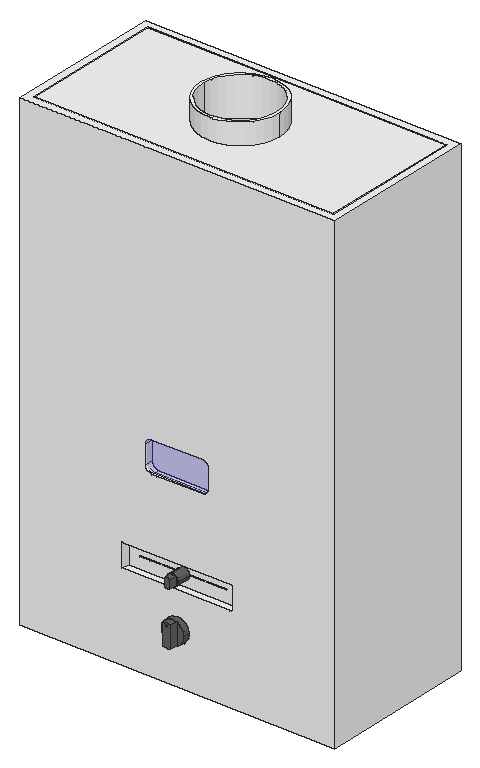
Revit family "gas water heater", category Casework, Revit 2009
Parameters (values of type "EH-Esquentador a Gáz")
  Águ. (Quente) Quant. = 1
  Águ. (Quente) Loc. = "PAR"
  Águ. (Quente) Diam. = "1/2\""
  Águ. (Fria) Quant. = 1
  Águ. (Fria) Loc. = "PAR"
  Águ. (Fria) Diam. = "1/2\""
  Vidro = none
  Type Comments = "EH"
  Model = "Esquentador a Gáz"
  Metal = EH - Inox
  Manufacturer = "Vulcano"
  Gás Potência = ""
  Gás Num. de Pontos = 1
  Gás Loc. = "PAR"
  Gás Diam. = "xxx"
  Esg. Num. Pontos = 0
  Esg. Loc. = ""
  Esg. Diam. = ""
  Elec. Voltagem = ""
  Elec. Potência = ""
  Elec. Num. de Pontos = 0
  Elec. Loc. = ""
  Corpo = EH - Branco
  Caixa = EH - Branco
  Botão = EH - Preto
  Assembly Code = ""
Reference planes (m)
  plane 1 "Center (Front/Back)": y = 0
  plane 2: z = 0
  plane 3 "Center (Left/Right)": x = 0
  plane 4: x = -1
  plane 5: x = 1
  plane 6: y = 0.35
  plane 7: z = 0.85
  plane 8: z = 0.065
  plane 9: x = 0
  plane 10: z = 0.065
  plane 11: z = 0.073972
  plane 12: z = 0.231
  plane 13: z = 0.199
  plane 14: x = 0.025
  plane 15: x = -0.025
  plane 16: x = 0
  plane 17: y = 0.1
  plane 18: z = 0.23
  plane 19: x = 0
  plane 20: z = 0.23
Forms (m)
  Extrusion 1, solid, material "Default", not visible
    sketch origin (-1, 0, 0.85) x (-1, 0, 0) y (0, -1, 0)
      loop
        line (0, -0.35) -> (0, -0.33) -> (-2, -0.33) -> (-2, -0.35) -> (0, -0.35)
    from 0 to 0.05
  Extrusion 2, void, not visible
    sketch origin (0, 0, 0) x (0, 1, 0) y (0, 0, 1)
      loop
        line (0.35, 0.9) -> (0.33, 0.9) -> (0.33, 0.88)
        arc (0.33, 0.88) -> (0.335858, 0.894142) -> (0.35, 0.9) r 0.02
    from -1 to 1
  Extrusion 3, solid, material "EH - Branco" <- "Corpo"
    sketch origin (-0.2, 0, 0) x (1, 0, 0) y (0, 1, 0)
      loop
        line (0, 0.2) -> (0, 0) -> (0.4, 0) -> (0.4, 0.2) -> (0, 0.2)
      loop
        line (0.01, 0.19) -> (0.01, 0.01) -> (0.39, 0.01) -> (0.39, 0.19) -> (0.01, 0.19)
    from 0 to 0.6
  Extrusion 4, solid
    sketch origin (-0.2, 0, 0) x (1, 0, 0) y (0, 1, 0)
      loop
        line (0.01, 0.19) -> (0.01, 0.01) -> (0.39, 0.01) -> (0.39, 0.19) -> (0.01, 0.19)
      loop
        line (0.05, 0.15) -> (0.05, 0.05) -> (0.35, 0.05) -> (0.35, 0.15) -> (0.05, 0.15)
    from 0.012594 to 0.03
  Extrusion 5, void
    sketch origin (-0.2, 0, 0) x (1, 0, 0) y (0, 0, 1)
      loop
        line (0.13, 0.14) -> (0.13, 0.11) -> (0.27, 0.11) -> (0.27, 0.14) -> (0.13, 0.14)
      loop
        circle (0.2, 0.065) r 0.015261
    from 0 to -0.01
  Extrusion 6, solid, material "EH - Preto" <- "Botão"
    sketch origin (-0.2, 0, 0) x (1, 0, 0) y (0, 0, 1)
      loop
        circle (0.200012, 0.064892) r 0.014533
      loop
        circle (0.200012, 0.12463) r 0.007318
      loop
        circle (0.200012, 0.12463) r 0.006318
    from -0.01 to 0.0072
  Extrusion 7, solid, material "EH - Preto" <- "Botão"
    sketch origin (-0.2, 0, 0) x (1, 0, 0) y (0, 0, 1)
      loop
        line (0.19482, 0.078332) -> (0.19482, 0.051449)
        arc (0.19482, 0.051449) -> (0.19982, 0.050357) -> (0.20482, 0.051449) r 0.011993
        line (0.20482, 0.051449) -> (0.20482, 0.078486)
        arc (0.20482, 0.078486) -> (0.199804, 0.079423) -> (0.19482, 0.078332) r 0.012834
      loop
        line (0.196422, 0.129787) -> (0.196422, 0.119473)
        arc (0.196422, 0.119473) -> (0.200068, 0.118799) -> (0.203713, 0.119473) r 0.010194
        line (0.203713, 0.119473) -> (0.203713, 0.129787)
        arc (0.203713, 0.129787) -> (0.200068, 0.130675) -> (0.196422, 0.129787) r 0.007933
    from 0.0072 to 0.015913
  Extrusion 8, solid, material "EH - Branco" <- "Caixa"
    sketch origin (-0.2, 0, 0) x (1, 0, 0) y (0, 0, 1)
      loop
        line (0.129, 0.141) -> (0.129, 0.109) -> (0.271, 0.109) -> (0.271, 0.141) -> (0.129, 0.141)
      loop
        line (0.144, 0.126) -> (0.144, 0.124) -> (0.256, 0.124) -> (0.256, 0.126) -> (0.144, 0.126)
    from -0.011473 to -0.01
  Extrusion 9, void
    sketch origin (-0.2, 0, 0) x (1, 0, 0) y (0, 0, 1)
      loop
        circle (0.19971, 0.075969) r 0.001235
    from 0.014846 to 0.016512
  Extrusion 10, void
    sketch origin (-0.2, 0, 0) x (1, 0, 0) y (0, 0, 1)
      loop
        arc (0.178871, 0.217954) -> (0.176376, 0.217057) -> (0.175, 0.21479) r 0.003974
        line (0.175, 0.21479) -> (0.175, 0.193877)
        arc (0.175, 0.193877) -> (0.176147, 0.191489) -> (0.178536, 0.190341) r 0.004
        line (0.178536, 0.190341) -> (0.218536, 0.190341)
        arc (0.218536, 0.190341) -> (0.22115, 0.190771) -> (0.222922, 0.192741) r 0.004
        line (0.222922, 0.192741) -> (0.222922, 0.213654)
        arc (0.222922, 0.213654) -> (0.221845, 0.216697) -> (0.218871, 0.217954) r 0.004
        line (0.218871, 0.217954) -> (0.178871, 0.217954)
    from -0.05 to 0
  Extrusion 11, solid, material "Glass"
    sketch origin (-0.2, 0, 0) x (1, 0, 0) y (0, 0, 1)
      loop
        line (0.17284, 0.219065) -> (0.17284, 0.189065) -> (0.224425, 0.189065) -> (0.224425, 0.219065) -> (0.17284, 0.219065)
    from -0.004725 to -0.001951
  Extrusion 12, solid, material "EH - Branco" <- "Corpo"
    sketch origin (-0.2, 0, 0) x (1, 0, 0) y (0, 1, 0)
      loop
        line (0.01, 0.19) -> (0.01, 0.01) -> (0.39, 0.01) -> (0.39, 0.19) -> (0.01, 0.19)
      loop
        circle (0.2, 0.1) r 0.05
    from 0.59 to 0.6
  Extrusion 13, solid, material "EH - Branco" <- "Corpo"
    sketch origin (-0.2, 0, 0) x (1, 0, 0) y (0, 1, 0)
      loop
        circle (0.2, 0.1) r 0.05
      loop
        circle (0.2, 0.1) r 0.04689
    from 0.5775 to 0.626308
  Extrusion 14, void
    sketch origin (-0.2, 0, 0.165) x (1, 0, 0) y (0, 0, 1)
      loop
        arc (0.168, 0.105) -> (0.162343, 0.102657) -> (0.16, 0.097) r 0.008
        line (0.16, 0.097) -> (0.16, 0.073)
        arc (0.16, 0.073) -> (0.162343, 0.067343) -> (0.168, 0.065) r 0.008
        line (0.168, 0.065) -> (0.232, 0.065)
        arc (0.232, 0.065) -> (0.237657, 0.067343) -> (0.24, 0.073) r 0.008
        line (0.24, 0.073) -> (0.24, 0.097)
        arc (0.24, 0.097) -> (0.237657, 0.102657) -> (0.232, 0.105) r 0.008
        line (0.232, 0.105) -> (0.168, 0.105)
    from 0 to -0.01
  Extrusion 15, solid, material "Glass"
    sketch origin (0.247515, 0, 0) x (-1, 0, 0) y (0, 0, -1)
      loop
        arc (0.279515, -0.27) -> (0.285172, -0.267657) -> (0.287515, -0.262) r 0.008
        line (0.287515, -0.262) -> (0.287515, -0.238)
        arc (0.287515, -0.238) -> (0.285172, -0.232343) -> (0.279515, -0.23) r 0.008
        line (0.279515, -0.23) -> (0.215515, -0.23)
        arc (0.215515, -0.23) -> (0.209858, -0.232343) -> (0.207515, -0.238) r 0.008
        line (0.207515, -0.238) -> (0.207515, -0.262)
        arc (0.207515, -0.262) -> (0.209858, -0.267657) -> (0.215515, -0.27) r 0.008
        line (0.215515, -0.27) -> (0.279515, -0.27)
    from -0.004725 to -0.001951
Cuts and joins
  Extrusion 5, Extrusion 14 cuts Extrusion 3
  Extrusion 5, Extrusion 14 cuts Extrusion 8
  Extrusion 9 cuts Extrusion 7
  Extrusion 10 cuts Extrusion 11
  Extrusion 14 cuts Extrusion 6
